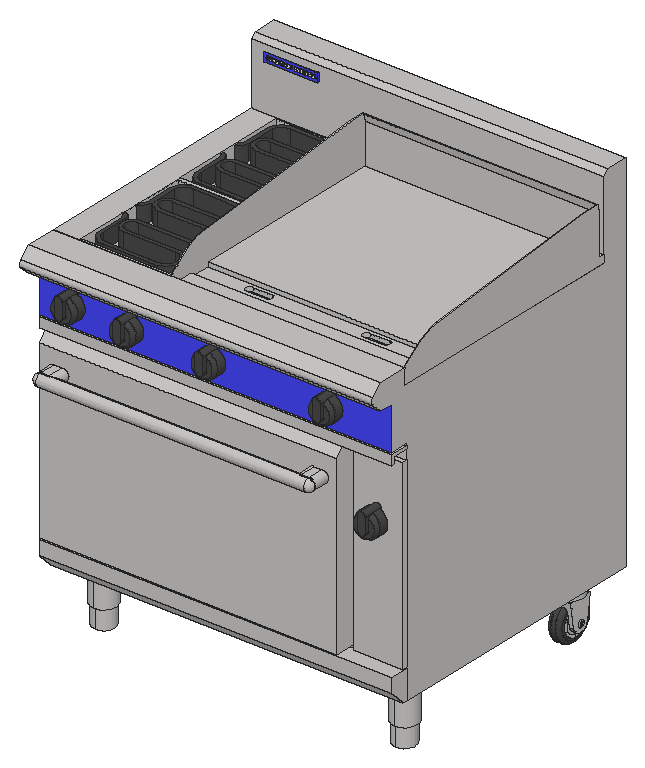
Revit family "QF_MOFFAT_BLUESEAL_CE_E56B", category Specialty Equipment, Revit 2012 (continued)
Definition of nested family "ELECTRIC BURNER & GRIDDLE 900"
  Lines and regions (mm)
    symbolic lines
      curve 27: arc (75.912, -271.286, 0) -> (87.513, -296.851, 0) -> (113.784, -306.75, 0) r 36.722
      curve 28: line (113.784, -306.75, 0) -> (246.212, -306.75, 0)
      curve 29: arc (246.212, -306.75, 0) -> (283.912, -269.05, 0) -> (246.212, -231.35, 0) r 37.7
      curve 30: line (246.212, -231.35, 0) -> (113.612, -231.35, 0)
      curve 31: arc (113.612, -231.35, 0) -> (95.912, -213.65, 0) -> (113.612, -195.95, 0) r 17.7
      curve 32: line (113.612, -195.95, 0) -> (246.212, -195.95, 0)
      curve 33: arc (246.212, -195.95, 0) -> (283.912, -158.25, 0) -> (246.212, -120.55, 0) r 37.7
      curve 34: line (246.212, -120.55, 0) -> (113.612, -120.55, 0)
      curve 35: arc (113.612, -120.55, 0) -> (95.912, -102.85, 0) -> (113.612, -85.15, 0) r 17.7
      curve 36: line (113.612, -85.15, 0) -> (246.212, -85.15, 0)
      curve 37: arc (246.212, -85.15, 0) -> (283.912, -47.45, 0) -> (246.212, -9.75, 0) r 37.7
      curve 38: line (246.212, -9.75, 0) -> (113.784, -9.75, 0)
      curve 39: arc (113.784, -9.75, 0) -> (87.513, -19.649, 0) -> (75.912, -45.214, 0) r 36.722
      curve 40: line (75.912, -45.214, 0) -> (75.912, -116.493, 0)
      curve 41: arc (75.912, -116.493, 0) -> (72.972, -125.276, 0) -> (65.612, -130.9, 0) r 15.79
      curve 42: line (65.612, -130.9, 0) -> (65.612, -141.293, 0)
      curve 43: arc (65.612, -141.293, 0) -> (80.048, -132.472, 0) -> (85.912, -116.604, 0) r 25.79
      curve 44: line (85.912, -116.604, 0) -> (85.912, -45.396, 0)
      curve 45: arc (85.912, -45.396, 0) -> (94.459, -26.845, 0) -> (113.612, -19.75, 0) r 26.722
      curve 46: line (246.212, -387.65, 0) -> (114.862, -387.65, 0)
      curve 47: arc (114.862, -387.65, 0) -> (87.162, -415.35, 0) -> (114.862, -443.05, 0) r 27.7
      curve 48: line (114.862, -443.05, 0) -> (246.212, -443.05, 0)
      curve 49: arc (246.212, -443.05, 0) -> (273.912, -470.75, 0) -> (246.212, -498.45, 0) r 27.7
      curve 50: line (246.212, -498.45, 0) -> (114.862, -498.45, 0)
      curve 51: arc (114.862, -498.45, 0) -> (87.162, -526.15, 0) -> (114.862, -553.85, 0) r 27.7
      curve 52: line (114.862, -553.85, 0) -> (246.212, -553.85, 0)
      curve 53: arc (246.212, -553.85, 0) -> (273.912, -581.55, 0) -> (246.212, -609.25, 0) r 27.7
      curve 54: line (246.212, -609.25, 0) -> (113.612, -609.25, 0)
      curve 55: arc (113.612, -609.25, 0) -> (94.459, -602.155, 0) -> (85.912, -583.604, 0) r 26.722
      curve 56: line (85.912, -583.604, 0) -> (85.912, -512.396, 0)
      curve 57: arc (85.912, -512.396, 0) -> (79.848, -496.287, 0) -> (65, -487.582, 0) r 25.79
      curve 58: line (65, -487.582, 0) -> (65, -497.888, 0)
      curve 59: arc (65, -497.888, 0) -> (72.781, -503.462, 0) -> (75.912, -512.507, 0) r 15.79
      curve 60: line (75.912, -512.507, 0) -> (75.912, -583.786, 0)
      curve 61: arc (75.912, -583.786, 0) -> (87.513, -609.351, 0) -> (113.784, -619.25, 0) r 36.722
      curve 62: line (113.784, -619.25, 0) -> (246.212, -619.25, 0)
      curve 63: arc (246.212, -619.25, 0) -> (283.912, -581.55, 0) -> (246.212, -543.85, 0) r 37.7
      curve 64: line (246.212, -543.85, 0) -> (113.612, -543.85, 0)
      curve 65: arc (113.612, -543.85, 0) -> (95.912, -526.15, 0) -> (113.612, -508.45, 0) r 17.7
      curve 66: line (113.612, -508.45, 0) -> (246.212, -508.45, 0)
      curve 67: arc (246.212, -508.45, 0) -> (283.912, -470.75, 0) -> (246.212, -433.05, 0) r 37.7
      curve 68: line (246.212, -433.05, 0) -> (113.612, -433.05, 0)
      curve 69: arc (113.612, -433.05, 0) -> (95.912, -415.35, 0) -> (113.612, -397.65, 0) r 17.7
      curve 70: line (113.612, -397.65, 0) -> (246.212, -397.65, 0)
      curve 71: arc (246.212, -397.65, 0) -> (283.912, -359.95, 0) -> (246.212, -322.25, 0) r 37.7
      curve 72: line (246.212, -322.25, 0) -> (113.784, -322.25, 0)
      curve 73: arc (113.784, -322.25, 0) -> (87.513, -332.149, 0) -> (75.912, -357.714, 0) r 36.722
      curve 74: line (75.912, -357.714, 0) -> (75.912, -428.981, 0)
      curve 75: arc (75.912, -428.981, 0) -> (72.964, -437.79, 0) -> (65.612, -443.468, 0) r 15.973
      curve 76: line (65.612, -443.468, 0) -> (65.612, -453.881, 0)
      curve 77: arc (65.612, -453.881, 0) -> (80.037, -444.995, 0) -> (85.912, -429.104, 0) r 25.973
      curve 78: line (85.912, -429.104, 0) -> (85.912, -357.896, 0)
      curve 79: arc (85.912, -357.896, 0) -> (94.459, -339.345, 0) -> (113.612, -332.25, 0) r 26.722
      curve 80: line (113.612, -332.25, 0) -> (246.212, -332.25, 0)
      curve 81: arc (246.212, -332.25, 0) -> (273.912, -359.95, 0) -> (246.212, -387.65, 0) r 27.7
      curve 82: line (0, 0, 0) -> (0, -635, 0)
      curve 83: line (65.8, -320.251, 0) -> (294.362, -320.251, 0)
      curve 84: line (294.362, -320.251, 0) -> (294.362, -630, 0)
      curve 85: line (294.362, -630, 0) -> (65.8, -630, 0)
      curve 86: line (65.8, -630, 0) -> (65.8, -320.251, 0)
      curve 87: line (65.8, -312.651, 0) -> (65.8, -5, 0)
      curve 88: line (65.8, -5, 0) -> (294.362, -5, 0)
      curve 89: line (294.362, -5, 0) -> (294.362, -312.651, 0)
      curve 90: line (294.362, -312.651, 0) -> (65.8, -312.651, 0)
  Dimensions and locks
    equal spacing: plane 3 "LEFT", plane 7 "Center Y", plane 4 "RIGHT"
    "Width": plane 3 "LEFT" to plane 4 "RIGHT"
    equal spacing: plane 5 "FRONT", plane 8 "Center X", plane 1 "BACK"
    "Depth": plane 5 "FRONT" to plane 1 "BACK"
    aligned and locked: level to plane 2
  Automatic sketch dimensions
    plane 1 "BACK" to Extrusion 1 sketch curve = 0 mm
    Extrusion 1 sketch curve to plane 10 = 0 mm  (x2)
    Extrusion 1 sketch curve to plane 3 "LEFT" = 0 mm
    plane 5 "FRONT" to Extrusion 1 sketch curve = 0 mm
    plane 1 "BACK" to Extrusion 1 sketch curve = 5 mm
    plane 8 "Center X" to Extrusion 1 sketch curve = 4.849 mm
    Extrusion 1 sketch curve to plane 8 "Center X" = 2.751 mm
    Extrusion 1 sketch curve to plane 5 "FRONT" = 5 mm
    Extrusion 1 sketch curve to plane 7 "Center Y" = 155.638 mm  (x2)
    Extrusion 1 sketch curve to Extrusion 1 sketch curve = 5.638 mm
    Extrusion 2 sketch curve to Extrusion 2 sketch curve = 0 mm  (x35)
    plane 1 "BACK" to Extrusion 2 sketch curve = 9.75 mm
    Extrusion 2 sketch curve to Extrusion 2 sketch curve = 10 mm  (x2)
    plane 9 to Extrusion 2 sketch curve = 24.786 mm
    Extrusion 2 sketch curve to Extrusion 2 sketch curve = 0.182 mm  (x4)
    plane 9 to Extrusion 2 sketch curve = 23.546 mm
    plane 9 to Extrusion 2 sketch curve = 22.55 mm
    Extrusion 2 sketch curve to Extrusion 2 sketch curve = 17.7 mm  (x4)
    Extrusion 2 sketch curve to plane 9 = 46.093 mm
    Extrusion 2 sketch curve to Extrusion 2 sketch curve = 0.4 mm  (x2)
    Extrusion 2 sketch curve to Extrusion 2 sketch curve = 0.111 mm  (x2)
    Extrusion 2 sketch curve to Extrusion 2 sketch curve = 14.806 mm
    Extrusion 2 sketch curve to Extrusion 2 sketch curve = 10.393 mm
    Extrusion 2 sketch curve to Extrusion 2 sketch curve = 27.7 mm  (x6)
    Extrusion 2 sketch curve to Extrusion 2 sketch curve = 33.826 mm
    Extrusion 2 sketch curve to Extrusion 2 sketch curve = 10.413 mm  (x2)
    Extrusion 2 sketch curve to Extrusion 2 sketch curve = 14.364 mm
    Extrusion 2 sketch curve to Extrusion 2 sketch curve = 0.123 mm  (x2)
    Extrusion 2 sketch curve to Extrusion 2 sketch curve = 14.934 mm  (x2)
    Extrusion 2 sketch curve to Extrusion 2 sketch curve = 26.704 mm  (x2)
    Extrusion 2 sketch curve to Extrusion 2 sketch curve = 1.058 mm  (x3)
    Extrusion 2 sketch curve to plane 8 "Center X" = 4.75 mm
    Extrusion 2 sketch curve to plane 8 "Center X" = 40.214 mm
    Extrusion 2 sketch curve to Extrusion 2 sketch curve = 4.516 mm
    Extrusion 2 sketch curve to Extrusion 2 sketch curve = 0.447 mm
    Extrusion 2 sketch curve to Extrusion 2 sketch curve = 33.7 mm
    Extrusion 2 sketch curve to Extrusion 2 sketch curve = 10.306 mm
    Extrusion 2 sketch curve to Extrusion 2 sketch curve = 14.508 mm
    plane 3 "LEFT" to Extrusion 2 sketch curve = 59.946 mm  (x2)
    plane 3 "LEFT" to Extrusion 2 sketch curve = 60.128 mm  (x2)
    Extrusion 2 sketch curve to Extrusion 2 sketch curve = 4.872 mm
    Extrusion 2 sketch curve to Extrusion 2 sketch curve = 5.484 mm
    Extrusion 2 sketch curve to Extrusion 2 sketch curve = 5.667 mm  (x2)
    Extrusion 2 sketch curve to Extrusion 2 sketch curve = 26.701 mm  (x4)
    Extrusion 2 sketch curve to Extrusion 2 sketch curve = 0.999 mm  (x3)
    Extrusion 2 sketch curve to Extrusion 2 sketch curve = 0.156 mm
    Extrusion 2 sketch curve to Extrusion 2 sketch curve = 0.625 mm
    Extrusion 2 sketch curve to Extrusion 2 sketch curve = 1.25 mm  (x2)
    Extrusion 2 sketch curve to Extrusion 2 sketch curve = 132.6 mm
    Extrusion 2 sketch curve to Extrusion 2 sketch curve = 132.428 mm
    Extrusion 2 sketch curve to Extrusion 2 sketch curve = 131.35 mm
    curve 11 to curve 37 = 0 mm  (x2)
    curve 15 to curve 33 = 0 mm  (x2)
    curve 19 to curve 29 = 0 mm  (x2)
    curve 21 to curve 27 = 0 mm  (x2)
    curve 23 to curve 25 = 0 mm  (x2)
    curve 39 to curve 45 = 0 mm  (x2)
    curve 41 to curve 43 = 0 mm  (x2)
    curve 49 to curve 67 = 0 mm  (x2)
    curve 53 to curve 63 = 0 mm  (x2)
    curve 55 to curve 61 = 0 mm  (x2)
    curve 57 to curve 59 = 0 mm  (x2)
    curve 71 to curve 81 = 0 mm  (x2)
    curve 73 to curve 79 = 0 mm  (x2)
    curve 75 to curve 77 = 0 mm  (x2)
    curve 1 to plane 3 "LEFT" = 0 mm
    plane 5 "FRONT" to curve 7 = 0 mm
    curve 3 to plane 4 "RIGHT" = 0 mm
    plane 1 "BACK" to curve 82 = 0 mm
    plane 3 "LEFT" to curve 25 = 59.946 mm
    plane 3 "LEFT" to curve 75 = 59.946 mm
    plane 3 "LEFT" to curve 59 = 60.128 mm
    plane 3 "LEFT" to curve 43 = 60.128 mm
    curve 57 to curve 58 = 4.872 mm
    curve 23 to curve 25 = 5.667 mm
    curve 41 to curve 43 = 5.484 mm
    curve 75 to curve 76 = 5.667 mm
    curve 7 to plane 8 "Center X" = 2.751 mm
    plane 3 "LEFT" to curve 7 = 65.8 mm
    curve 90 to curve 7 = 0 mm
    curve 57 to curve 59 = 15.784 mm
    curve 75 to curve 74 = 15.967 mm
    curve 87 to curve 27 = 10.112 mm
    curve 87 to curve 39 = 10.112 mm
    curve 25 to curve 23 = 10 mm
    curve 39 to curve 44 = 10 mm
    curve 73 to curve 79 = 10 mm
    curve 59 to curve 57 = 10 mm
    curve 44 to curve 39 = 26.701 mm
    curve 21 to curve 27 = 26.701 mm
    curve 79 to curve 79 = 26.701 mm
    curve 56 to curve 55 = 26.701 mm
    curve 23 to curve 32 = 27.7 mm
    curve 36 to plane 9 = 15.15 mm
    curve 39 to curve 36 = 0.999 mm
    curve 56 to curve 66 = 27.7 mm
    curve 55 to curve 55 = 0.999 mm
    curve 77 to curve 68 = 27.7 mm
    curve 21 to curve 20 = 0.999 mm
    curve 79 to plane 8 "Center X" = 14.75 mm
    curve 73 to curve 79 = 0.999 mm
    curve 39 to curve 45 = 0.999 mm
    curve 35 to curve 13 = 0.156 mm
    curve 54 to curve 62 = 0.172 mm
    curve 45 to curve 39 = 0.172 mm
    curve 80 to curve 72 = 0.172 mm
    curve 20 to curve 27 = 0.172 mm
    curve 31 to curve 17 = 0.625 mm
    curve 65 to curve 51 = 1.25 mm
    curve 68 to curve 48 = 1.25 mm
    curve 54 to plane 5 "FRONT" = 25.75 mm
    curve 54 to curve 54 = 132.6 mm
    curve 50 to curve 63 = 0 mm
    curve 46 to curve 68 = 0 mm
    plane 1 "BACK" to curve 38 = 9.75 mm
    curve 39 to curve 38 = 132.428 mm
    curve 34 to curve 36 = 0 mm
    curve 30 to curve 32 = 0 mm
    plane 8 "Center X" to curve 90 = 4.849 mm
    curve 29 to curve 90 = 48.15 mm
    curve 9 to plane 5 "FRONT" = 0.299 mm
    curve 62 to curve 9 = 48.15 mm
    curve 8 to curve 89 = 0 mm
    curve 9 to curve 9 = 11.275 mm
    plane 4 "RIGHT" to curve 2 = 65.612 mm
    curve 6 to curve 86 = 5 mm
    curve 62 to curve 54 = 10 mm
    curve 55 to curve 60 = 25.464 mm
    curve 54 to curve 53 = 27.7 mm
    curve 64 to curve 65 = 17.7 mm
    curve 65 to curve 51 = 0 mm
    curve 59 to curve 66 = 4.457 mm
    curve 57 to curve 59 = 0.4 mm
    curve 59 to curve 57 = 0.111 mm
    curve 49 to curve 67 = 27.7 mm
    curve 57 to curve 77 = 33.7 mm
    curve 77 to curve 76 = 10.413 mm
    curve 75 to curve 77 = 14.364 mm
    curve 68 to curve 69 = 17.7 mm
    curve 69 to curve 47 = 0 mm
    curve 79 to curve 79 = 26.704 mm
    plane 8 "Center X" to curve 28 = 10.75 mm
    curve 28 to curve 19 = 10 mm
    curve 87 to curve 26 = 41.365 mm
    curve 20 to curve 19 = 27.7 mm
    curve 30 to curve 31 = 17.7 mm
    curve 31 to curve 17 = 0 mm
    curve 23 to curve 32 = 4.516 mm
    curve 23 to curve 26 = 0.447 mm
    curve 25 to curve 23 = 0.123 mm
    curve 15 to curve 33 = 27.7 mm
    curve 24 to curve 43 = 33.826 mm
    curve 42 to curve 41 = 10.393 mm
    curve 42 to curve 43 = 14.296 mm
    curve 35 to curve 13 = 0 mm
    curve 39 to curve 10 = 26.704 mm
    plane 1 "BACK" to curve 88 = 5 mm
  Nested families
    nested 1: "ELECTRIC GRIDDLE PLATE 300" at (300, -15, 0), type "ELECTRIC GRIDDLE PLATE 300"
      with Width 600 mm, Type Mark "", Status "", Specification by User "", Show Clearance yes, Revision Code "", Number of Poles 1, Mechanical Remarks "", Mechanical Connection Type "", Item Number "", Installed By "", Identify Quantity as Lot yes, Gas RI Height 0 mm, Gas KW 0, Gas Input 0.0 Btu/h, Furnished By "", Foodservice Equipment Identifier yes, Electrical Remarks "", Electric Connection Type "", Elec Conn RI Height 0 mm, Elec Conn Connection Height 0 mm, Depth 620 mm
  Definition of nested family "ELECTRIC GRIDDLE PLATE 300"
    Parameters (values of type "ELECTRIC GRIDDLE PLATE 300")
      Width [instance] = 600 mm
      Weight in Pounds = 0
      Watts = 0 W
      Volts = 0 V
      URL Cutsheet = ""
      Type Mark [instance] = ""
      Status [instance] = ""
      Specification by User [instance] = ""
      Specification by Manufacturer = ""
      Show Clearance [instance] = yes
      Serial Number = ""
      Seismic Rating = ""
      SMACNA No = ""
      Revision Code [instance] = ""
      Phase = 1
      Omniclass Number and Title = ""
      Number of Poles [instance] = 1
      NAFEM Spec ID Number = ""
      Min Ckt Ampacity = 0 A
      Mechanical Remarks [instance] = ""
      Mechanical Connection Type [instance] = ""
      Max Overcurrent Protection = 0 A
      Masterspec = ""
      Item Number [instance] = ""
      Installed By [instance] = ""
      Identify Quantity as Lot [instance] = yes
      HP = ""
      Gas Size = 0"
      Gas RI Height [instance] = 0 mm
      Gas KW [instance] = 0
      Gas Input [instance] = 0.0 Btu/h
      Gas Connection Height = 0 mm
      Furnished By [instance] = ""
      Foodservice Equipment Identifier [instance] = yes
      FL Amps = 0 A
      Electrical Remarks [instance] = ""
      Electric Connection Type [instance] = ""
      Elec Conn RI Height [instance] = 0 mm
      Elec Conn Connection Height [instance] = 0 mm
      Depth [instance] = 620 mm
      Cycle = 0 Hz
      Conn Plug = ""
      Conn Conduit = yes
      CSI MasterFormat = ""
      CSI Master Format = ""
      Apparent Power = if(Phase = 3, Volts * FL Amps * 1.73, Volts * FL Amps)  # 0 VA
    Reference planes
      plane 1 "BACK": y = 0
      plane 2: z = 0
      plane 3 "LEFT": x = 0
      plane 4 "RIGHT": x = 600
      plane 5 "FRONT": y = -620
      plane 6 "TOP": z = 142.5
      plane 7 "Center Y": x = 300
      plane 8 "Center X": y = -310
      plane 9: y = -530.997
      plane 10: y = -541.497
      plane 11: y = -503.25
      plane 12: y = -557.737
    Forms (mm)
      Extrusion 1, solid, material "QF_Finishes_Stainless Steel"
        sketch origin (0, 70.003, -874.5) x (0, 1, 0) y (0, 0, 1)
          loop
            line (-70, 875) -> (-70, 997.489) -> (-75.228, 1017) -> (-117.24, 1017) -> (-589.533, 971.523)
            arc (-589.533, 971.523) -> (-614.56, 965.803) -> (-637.306, 953.899) r 100
            line (-637.306, 953.899) -> (-690.003, 917) -> (-690.003, 875) -> (-70, 875)
        from 0 to 1.8
      Extrusion 2, solid, material "QF_Finishes_Stainless Steel"
        sketch origin (600, 70.003, -874.5) x (0, -1, 0) y (0, 0, 1)
          loop
            line (70, 875) -> (690.003, 875) -> (690.003, 917) -> (637.306, 953.899)
            arc (637.306, 953.899) -> (614.56, 965.803) -> (589.533, 971.523) r 100
            line (589.533, 971.523) -> (117.24, 1017) -> (75.228, 1017) -> (70, 997.489) -> (70, 875)
        from 0 to 1.2
      Extrusion 3, solid, material "QF_Finishes_Stainless Steel"
        sketch origin (150, 70.003, -874.5) x (0, 1, 0) y (0, 0, 1)
          loop
            line (-55, 895) -> (-573.253, 895) -> (-573.253, 884.5) -> (-627.74, 884.5) -> (-627.74, 895) -> (-690.003, 895) -> (-690.003, 875) -> (-55, 875) -> (-55, 895)
        from -148.2 to 450
      Extrusion 4, void
        sketch origin (150, -541.497, 10) x (0, -1, 0) y (1, 0, 0)
          loop
            arc (-7.497, 325) -> (-17.497, 335) -> (-27.497, 325) r 10
            line (-27.497, 325) -> (-27.497, 275)
            arc (-27.497, 275) -> (-17.497, 265) -> (-7.497, 275) r 10
            line (-7.497, 275) -> (-7.497, 325)
          loop
            arc (-7.497, 25) -> (-17.497, 35) -> (-27.497, 25) r 10
            line (-27.497, 25) -> (-27.497, -25)
            arc (-27.497, -25) -> (-17.497, -35) -> (-7.497, -25) r 10
            line (-7.497, -25) -> (-7.497, 25)
        from -41.4 to 40.142
      Extrusion 5, solid, material "QF_Finishes_Stainless Steel"
        sketch origin (0, 70.003, -874.5) x (0, 1, 0) y (0, 0, 1)
          loop
            line (-70, 875) -> (-70, 997.489) -> (-75.228, 1017) -> (-76.884, 1017) -> (-71.6, 997.278) -> (-71.6, 875) -> (-70, 875)
        from 0 to 598.8
    Cuts and joins
      Extrusion 4 cuts Extrusion 3
      joined: Extrusion 1, Extrusion 2, Extrusion 3, Extrusion 5
    Lines and regions (mm)
      symbolic lines
        curve 1: line (598.8, -503.25, 0) -> (1.8, -503.25, 0)
        curve 2: line (1.8, -557.737, 0) -> (598.8, -557.737, 0)
        curve 3: line (1.8, -1.68, 0) -> (598.8, -1.68, 0)
        curve 4: line (598.8, -1.68, 0) -> (598.8, -620, 0)
        curve 5: line (1.8, -620, 0) -> (1.8, -1.68, 0)
        curve 6: line (1.8, -620, 0) -> (598.8, -620, 0)
        curve 7: line (125, -514, 0) -> (175, -514, 0)
        curve 8: arc (175, -514, 0) -> (185, -524, 0) -> (175, -534, 0) r 10
        curve 9: line (175, -534, 0) -> (125, -534, 0)
        curve 10: arc (125, -534, 0) -> (115, -524, 0) -> (125, -514, 0) r 10
        curve 11: line (425, -514, 0) -> (475, -514, 0)
        curve 12: arc (475, -514, 0) -> (485, -524, 0) -> (475, -534, 0) r 10
        curve 13: line (475, -534, 0) -> (425, -534, 0)
        curve 14: arc (425, -534, 0) -> (415, -524, 0) -> (425, -514, 0) r 10
    Dimensions and locks
      equal spacing: plane 3 "LEFT", plane 7 "Center Y", plane 4 "RIGHT"
      "Width": plane 3 "LEFT" to plane 4 "RIGHT"
      equal spacing: plane 5 "FRONT", plane 8 "Center X", plane 1 "BACK"
      "Depth": plane 5 "FRONT" to plane 1 "BACK"
      locked: Extrusion 2 to Extrusion 2 at 1.2
      aligned and locked: level to plane 2
      aligned and locked: Extrusion 2 to plane 4 "RIGHT"
      aligned and locked: curve 1 to plane 11
      aligned and locked: plane 12 to curve 2
      aligned and locked: Extrusion 5 to cut or joined group of Extrusion 1, Extrusion 2, Extrusion 3, Extrusion 4, Extrusion 5
      aligned and locked: cut or joined group of Extrusion 1, Extrusion 2, Extrusion 3, Extrusion 4, Extrusion 5 to plane 4 "RIGHT"
    Automatic sketch dimensions
      plane 5 "FRONT" to curve 6 = 0 mm
      plane 3 "LEFT" to curve 6 = 1.8 mm
      plane 4 "RIGHT" to curve 4 = 1.2 mm
      plane 1 "BACK" to curve 3 = 1.68 mm
      Extrusion 1 sketch curve to plane 5 "FRONT" = 0 mm
      Extrusion 1 sketch curve to plane 6 "TOP" = 0 mm
      plane 12 to Extrusion 1 sketch curve = 9.566 mm
      plane 11 to Extrusion 1 sketch curve = 16.28 mm
      Extrusion 1 sketch curve to level = 2.516 mm
      plane 11 to Extrusion 1 sketch curve = 6.695 mm
      plane 1 "BACK" to Extrusion 1 sketch curve = 47.237 mm
      plane 1 "BACK" to Extrusion 1 sketch curve = 5.225 mm
      Extrusion 1 sketch curve to plane 1 "BACK" = 0.003 mm
      level to Extrusion 1 sketch curve = 0.5 mm
      Extrusion 1 sketch curve to Extrusion 1 sketch curve = 42 mm
      Extrusion 1 sketch curve to plane 6 "TOP" = 63.101 mm
      Extrusion 1 sketch curve to plane 6 "TOP" = 19.511 mm
      Extrusion 2 sketch curve to plane 6 "TOP" = 0 mm
      Extrusion 2 sketch curve to plane 5 "FRONT" = 0 mm
      plane 12 to Extrusion 2 sketch curve = 9.566 mm
      plane 11 to Extrusion 2 sketch curve = 16.28 mm
      Extrusion 2 sketch curve to level = 2.516 mm
      plane 11 to Extrusion 2 sketch curve = 6.695 mm
      plane 1 "BACK" to Extrusion 2 sketch curve = 47.237 mm
      plane 1 "BACK" to Extrusion 2 sketch curve = 5.225 mm
      Extrusion 2 sketch curve to plane 1 "BACK" = 0.003 mm
      level to Extrusion 2 sketch curve = 0.5 mm
      Extrusion 2 sketch curve to Extrusion 2 sketch curve = 42 mm
      Extrusion 2 sketch curve to plane 6 "TOP" = 63.101 mm
      Extrusion 2 sketch curve to plane 6 "TOP" = 19.511 mm
      Extrusion 3 sketch curve to plane 5 "FRONT" = 0 mm
      Extrusion 3 sketch curve to plane 12 = 0 mm
      Extrusion 3 sketch curve to plane 11 = 0 mm
      Extrusion 3 sketch curve to plane 1 "BACK" = 15.003 mm
      level to Extrusion 3 sketch curve = 0.5 mm
      level to Extrusion 3 sketch curve = 10 mm
      Extrusion 3 sketch curve to Extrusion 3 sketch curve = 10.5 mm  (x2)
      plane 1 "BACK" to Extrusion 5 sketch curve = 5.225 mm
      Extrusion 5 sketch curve to plane 1 "BACK" = 0.003 mm
      Extrusion 5 sketch curve to plane 6 "TOP" = 19.511 mm
      Extrusion 5 sketch curve to Extrusion 5 sketch curve = 1.6 mm
      Extrusion 5 sketch curve to Extrusion 5 sketch curve = 0.211 mm
      Extrusion 5 sketch curve to plane 6 "TOP" = 0 mm
      Extrusion 5 sketch curve to Extrusion 5 sketch curve = 1.656 mm
      level to Extrusion 5 sketch curve = 0.5 mm
      plane 11 to Extrusion 4 sketch curve = 10.75 mm  (x2)
      Extrusion 4 sketch curve to Extrusion 4 sketch curve = 10 mm  (x2)
      plane 3 "LEFT" to Extrusion 4 sketch curve = 125 mm
      Extrusion 4 sketch curve to Extrusion 4 sketch curve = 50 mm  (x2)
      plane 7 "Center Y" to Extrusion 4 sketch curve = 125 mm
      plane 11 to curve 10 = 10.75 mm
      curve 1 to curve 10 = 123.2 mm
      curve 9 to plane 12 = 23.737 mm
      curve 9 to curve 9 = 50 mm
      plane 11 to curve 14 = 10.75 mm
      plane 7 "Center Y" to curve 14 = 125 mm
      curve 13 to plane 12 = 23.737 mm
      curve 13 to curve 13 = 50 mm
